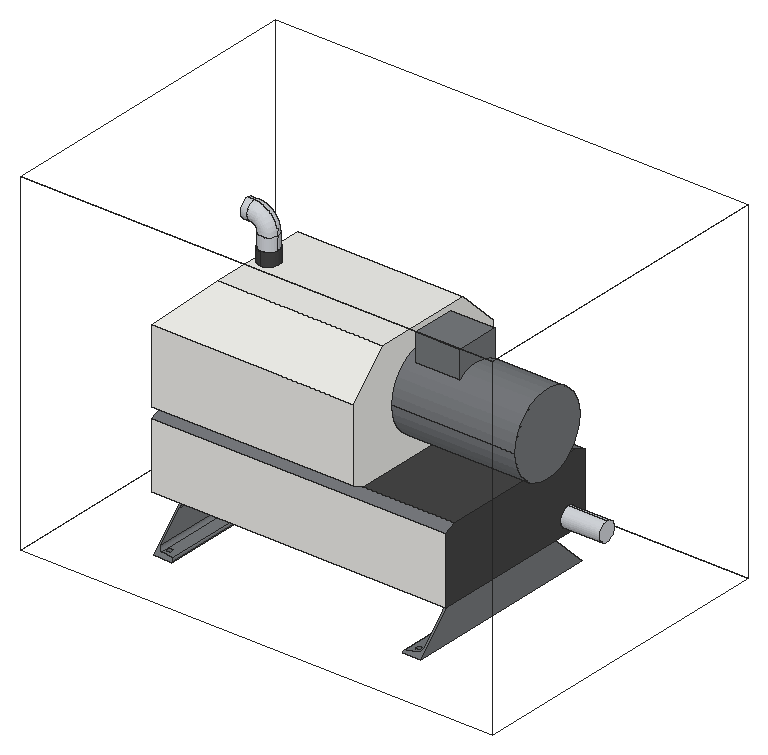
Revit family "HOSPIVAC G SIRELLA", category Equipement de génie climatique, Revit 2018
Family settings
  Cote de connecteur circulaire = Utiliser le diamètre
  Classification = Aucun
  Type d'élément = Normal
  Basée sur le plan de construction = Non
  Toujours verticalement = Oui
  Couper avec des vides une fois chargée = Non
  Partagée = Non
  Point de calcul de pièce = Non
Parameters (values of type "HOSPIVAC G SL300.R")
  ØPERCAGE = 13 mm
  ØCANA = 50 mm
  ZONE_DE_MAINTENANCE = yes
  TYPE_PPE = SIRELLA SLR : SL300.R
  TERRE = yes
  TENSION_ALIM = 400 V
  PUISS_ELECT = 5.5 kW
  PUISS_APPARENTE = PUISS_ELECT / COS_PHI  # 6111.11 VA
  PROTEC_ELECT = "Disjoncteur courbe D - 16 A"
  POIDS(Kg) = 310 mm
  OFFSET_LONG_PPE = 37 mm
  OFFSET_LONG_MAINT_2 = 689.8 mm
  OFFSET_LONG_MAINT_1 = 600.4 mm
  OFFSET_LONG_COUD = 270.3 mm
  OFFSET_LARG_REFOUL = 93.4 mm
  OFFSET_HAUT_MAINT = 914.2 mm
  OFFSET_HAUT_PROFILE = 100 mm
  OFFSET_HAUT_PPE = 24.4 mm
  OFFSET_HAUT_COUD = 743 mm
  OFFSET_HAUT_BRIDE = 668.1 mm
  NIVEAU_SONORE(dB(A)) = 70
  NEUTRE = no
  NBR_POLES = 3
  Modèle = "HOSPIVAC G SIRELLA"
  Lien espace client = "https://www.mils.fr/en/customers-area/"
  LONG_REFOUL = 105.417 mm
  LONG_PROFILE = 550 mm
  LONG_COUDE = 58 mm
  LONGUEUR = 910 mm
  LARG_PROFIL = 50 mm
  LARG_MAINT = 872.4 mm
  LARGEUR = 550 mm
  HAUT_REFOUL = 164 mm
  HAUTEUR = 780 mm
  Fabricant = "MIL'S"
  FREQUENCE = 0 Hz
  EP_AME = 6 mm
  EP_AILE = 8.5 mm
  ENTRAXE_PROFILE = 730 mm
  ENTRAXE_LONG_FIX_SOL = 680 mm
  ENTRAXE_LARG_FIX_SOL = 500 mm
  DOUBLE_ALIMENTATION = no
  DIAM_REFOUL_VIDE = 50 mm
  DIAM_ASPI_VIDE = 50 mm
  DESCR_REFOUL = "Refoulement ; 260 m³/h ; Flexible avec raccord G 2\" mâle"
  DESCR_ASPI = "Aspiration ; 260 m³/h ; Flexible avec clapet G 2\""
  DESCR_ALIM = "Alimentation ; 4G2.5mm²"
  DEGAG_CALORIFIQUE(kJ/h) = "22738"
  DEBIT_REFOUL_VIDE = 260.0 m³/h
  DEBIT_ASPI_VIDE = 260.0 m³/h
  COS_PHI = 0.9
Types (4, lengths in mm): name | ØCANA | TYPE_PPE | PUISS_ELECT | PUISS_APPARENTE | PROTEC_ELECT | POIDS(Kg) | OFFSET_LONG_MAINT_2 | OFFSET_LONG_MAINT_1 | OFFSET_LONG_COUD | OFFSET_LARG_REFOUL | OFFSET_HAUT_MAINT | OFFSET_HAUT_PPE | OFFSET_HAUT_COUD | OFFSET_HAUT_BRIDE | NIVEAU_SONORE(dB(A)) | LONG_REFOUL | LONG_COUDE | LONGUEUR | LARG_MAINT | HAUT_REFOUL | HAUTEUR | FREQUENCE | ENTRAXE_PROFILE | ENTRAXE_LONG_FIX_SOL | DIAM_REFOUL_VIDE | DIAM_ASPI_VIDE | DESCR_REFOUL | DESCR_ASPI | DEGAG_CALORIFIQUE(kJ/h) | DEBIT_REFOUL_VIDE | DEBIT_ASPI_VIDE
  (no name) | 50 | SIRELLA SLR : SL300.R | 5.5 kW | 6111.11 VA | "Disjoncteur courbe D - 16 A" | 310 | 689.8 | 600.4 | 270.3 | 93.4 | 914.2 | 24.4 | 743 | 668.1 | 70 | 105.417 | 58 | 910 | 872.4 | 164 | 780 | 0 Hz | 730 | 680 | 50 | 50 | "Refoulement ; 260 m³/h ; Flexible avec raccord G 2\" mâle" | "Aspiration ; 260 m³/h ; Flexible avec clapet G 2\"" | "22738" | 260.0 m³/h | 260.0 m³/h
  HOSPIVAC G SL300.R | 50 | SIRELLA SLR : SL300.R | 5.5 kW | 6111.11 VA | "Disjoncteur courbe D - 16 A" | 310 | 689.8 | 600.4 | 270.3 | 93.4 | 914.2 | 24.4 | 743 | 668.1 | 70 | 105.417 | 58 | 910 | 872.4 | 164 | 780 | 0 Hz | 730 | 680 | 50 | 50 | "Refoulement ; 260 m³/h ; Flexible avec raccord G 2\" mâle" | "Aspiration ; 260 m³/h ; Flexible avec clapet G 2\"" | "22738" | 260.0 m³/h | 260.0 m³/h
  HOSPIVAC G SL150.R | 45 | SIRELLA SLR : SL150.R | 3 kW | 3333.33 VA | "Disjoncteur courbe D - 10 A" | 185 | 610 | 570 | 232 | 120 | 905 | 15.2 | 670 | 605 | 69 | 72 | 50 | 800 | 825 | 149 | 700 | 0 Hz | 655 | 605 | 40 | 40 | "Refoulement ; 140 m³/h ; Flexible avec raccord G 1\"1/2 mâle" | "Aspiration ; 140 m³/h ; Flexible avec clapet G 1\"1/2" | "12403" | 140.0 m³/h | 140.0 m³/h
  HOSPIVAC G SL100.R | 45 | SIRELLA SLR : SL100.R | 2.2 kW | 2444.44 VA | "Disjoncteur courbe D - 10 A" | 175 | 610 | 570 | 231.5 | 120 | 905 | 15.2 | 670 | 604.6 | 69 | 72 | 50 | 800 | 825 | 149 | 700 | 50 Hz | 655 | 605 | 40 | 40 | "Refoulement ; 90 m³/h ; Flexible avec raccord G 1\"1/2 mâle" | "Aspiration ; 90 m³/h ; Flexible avec clapet G 1\"1/2" | "9095" | 90.0 m³/h | 90.0 m³/h
Reference planes
  plane 1 "Centre (avant/arrière)": y = 0
  plane 2: z = 0
  plane 3 "Centre (gauche/droite)": x = 0
  plane 4: x = -545
  plane 5: x = -545
  plane 6: x = -245
  plane 7: z = 100
  plane 8: x = -365
  plane 9: x = 365
  plane 10: x = -315
  plane 11: y = 275
  plane 12: y = -275
  plane 13: z = 8.5
  plane 14: x = -359
  plane 15: z = 91.5
  plane 16: y = 250
  plane 17: y = -250
  plane 18: x = -340
  plane 19: x = 340
  plane 20 "OFFSET_LONG_PPE": x = 402
  plane 21 "OFFSET_HAUT_PPE": z = 124.4
  plane 22: z = 914.2
  plane 23: x = -600.4
  plane 24: x = 689.8
  plane 25: y = 436.2
  plane 26: y = -436.2
  plane 27: z = 743
  plane 28: x = -270.3
  plane 29: z = 668.1
  plane 30: x = -328.3
  plane 31: x = 507.417
  plane 32: y = 181.6
  plane 33: z = 164
Forms (mm)
  Extrusion 1, solid, not visible
    sketch origin (-671.698, -1524, 268) x (-1, 0, 0) y (0, -1, 0)
      loop
        circle (-126.698, -1132) r 25
    from 0 to 17
  Extrusion 2, solid, not visible
    sketch origin (-671.698, -1524, 268) x (-1, 0, 0) y (0, -1, 0)
      loop
        circle (-126.698, -1132) r 25
    from 0 to 17
  Extrusion 3, solid, not visible
    sketch origin (-371.698, -1524, 268) x (-1, 0, 0) y (0, -1, 0)
      loop
        circle (-126.698, -1132) r 25
    from 0 to 17
  Sweep 4, solid, material "GRIS MILS"
    path origin (0, 0, 0) x (1, 0, 0) y (0, 1, 0)
      loop
        line (-365, -275) -> (-365, 275)
    profile origin (-365, 0, 0) x (-1, 0, 0) y (0, 0, 1)
      loop
        line (-50, 100) -> (-50, 97.903)
        arc (-50, 97.903) -> (-48.824, 94.87) -> (-45.912, 93.422) r 4.5
        line (-45.912, 93.422) -> (-13.722, 90.464)
        arc (-13.722, 90.464) -> (-8.221, 87.728) -> (-6, 81.999) r 8.5
        line (-6, 81.999) -> (-6, 18.279)
        arc (-6, 18.279) -> (-8.152, 12.626) -> (-13.518, 9.836) r 8.5
        line (-13.518, 9.836) -> (-46.02, 6.055)
        arc (-46.02, 6.055) -> (-48.861, 4.577) -> (-50, 1.585) r 4.5
        line (-50, 1.585) -> (-50, 0) -> (0, 0) -> (0, 100) -> (-50, 100)
  Extrusion 5, void
    sketch origin (-365, -1524, 244.242) x (0, 0, -1) y (0, -1, 0)
      loop
        line (144.242, -1699) -> (144.242, -1799) -> (244.242, -1799) -> (144.242, -1699)
      loop
        line (244.242, -1249) -> (144.242, -1249) -> (144.242, -1349) -> (244.242, -1249)
    from 0 to -730
  Sweep 6, solid, material "GRIS MILS"
    path origin (0, 0, 0) x (-1, 0, 0) y (0, -1, 0)
      loop
        line (-365, 275) -> (-365, -275)
    profile origin (365, 0, 0) x (-1, 0, 0) y (0, 0, 1)
      loop
        line (50, 100) -> (0, 100) -> (0, 0) -> (50, 0) -> (50, 1.585)
        arc (50, 1.585) -> (48.861, 4.577) -> (46.02, 6.055) r 4.5
        line (46.02, 6.055) -> (13.518, 9.836)
        arc (13.518, 9.836) -> (8.152, 12.626) -> (6, 18.279) r 8.5
        line (6, 18.279) -> (6, 81.999)
        arc (6, 81.999) -> (8.221, 87.728) -> (13.722, 90.464) r 8.5
        line (13.722, 90.464) -> (45.912, 93.422)
        arc (45.912, 93.422) -> (48.824, 94.87) -> (50, 97.903) r 4.5
        line (50, 97.903) -> (50, 100)
  Extrusion 7, void
    sketch origin (0, 0, 0) x (0, 1, 0) y (1, 0, 0)
      loop
        circle (250, -340) r 6.5
      loop
        circle (-250, -340) r 6.5
      loop
        circle (250, 340) r 6.5
      loop
        circle (-250, 340) r 6.5
    from 0 to -40.622
  Sweep 8, solid
    path origin (402, 0, 124.4) x (1, 0, 0) y (0, 0, 1)
      loop
        line (-672.3, 543.7) -> (-672.3, 578.6)
        arc (-672.3, 578.6) -> (-684.016, 606.884) -> (-712.3, 618.6) r 40
        line (-712.3, 618.6) -> (-730.3, 618.6)
    profile origin (-270.3, 0, 685.55) x (-1, 0, 0) y (0, -1, 0)
      loop
        circle (0, 0) r 25
  Extrusion 9, solid
    sketch origin (507.417, -1524, 177.041) x (0, 0, 1) y (0, -1, 0)
      loop
        circle (-13.041, -1705.6) r 25
    from 0 to -105.417
  Extrusion 10, solid, material "ZONE_MAINTENANCE", visible <- "ZONE_DE_MAINTENANCE"
    sketch origin (0, 0, 0) x (1, 0, 0) y (0, 1, 0)
      loop
        line (-600.4, 436.2) -> (-600.4, -436.2) -> (689.8, -436.2) -> (689.8, 436.2) -> (-600.4, 436.2)
    from 0 to 914.2
Cuts and joins
  Extrusion 5, Extrusion 7 cuts Sweep 4
  Extrusion 5, Extrusion 7 cuts Sweep 6
Lines and regions (mm)
  reference lines
    curve 1: line (-340, 0, 100) -> (-340, 0, 91.5)
    curve 2: line (-340, 0, 0) -> (-340, 0, 8.5)
Dimensions and locks
  "OFFSET_HAUT_PROFILE": plane 7 to plane 2
  equal spacing: plane 9, plane 3 "Centre (gauche/droite)", plane 8
  "ENTRAXE_PROFILE": plane 9 to plane 8
  "LARG_PROFIL": plane 10 to plane 8
  equal spacing: plane 11, plane 1 "Centre (avant/arrière)", plane 12
  "LONG_PROFILE": plane 11 to plane 12
  "EP_AME": plane 14 to plane 8
  equal spacing: plane 10, curve 1, plane 8
  "EP_AILE": plane 7 to plane 15
  "EP_AILE": plane 13 to level
  equal spacing: plane 16, plane 1 "Centre (avant/arrière)", plane 17
  equal spacing: plane 18, plane 3 "Centre (gauche/droite)", plane 19
  "ENTRAXE_LONG_FIX_SOL": plane 18 to plane 19
  "ENTRAXE_LARG_FIX_SOL": plane 16 to plane 17
  "OFFSET_LONG_PPE": plane 9 to plane 20 "OFFSET_LONG_PPE"
  "OFFSET_HAUT_PPE": plane 21 "OFFSET_HAUT_PPE" to plane 7
  "OFFSET_HAUT_MAINT": plane 22 to level
  "OFFSET_LONG_MAINT_1": plane 3 "Centre (gauche/droite)" to plane 23
  "OFFSET_LONG_MAINT_2": plane 24 to plane 3 "Centre (gauche/droite)"
  equal spacing: plane 25, plane 1 "Centre (avant/arrière)", plane 26
  "LARG_MAINT": plane 25 to plane 26
  "OFFSET_HAUT_COUD": plane 27 to level
  "OFFSET_LONG_COUD": plane 3 "Centre (gauche/droite)" to plane 28
  "OFFSET_HAUT_BRIDE": plane 29 to level
  "LONG_COUDE": plane 28 to plane 30
  "LONG_REFOUL": plane 31 to plane 20 "OFFSET_LONG_PPE"
  "OFFSET_LARG_REFOUL": plane 11 to plane 32
  "HAUT_REFOUL": plane 33 to level
  radius of Extrusion 1 sketch curve = 25 mm
  radius of Extrusion 2 sketch curve = 25 mm
  radius of Extrusion 3 sketch curve = 25 mm
  radius of Sweep 4 sketch curve = 4.5 mm  (x2)
  radius of Sweep 4 sketch curve = 8.5 mm  (x2)
  radius of Sweep 6 sketch curve = 4.5 mm  (x2)
  radius of Sweep 6 sketch curve = 8.5 mm  (x2)
  "ØPERCAGE": diameter of Extrusion 7 sketch curve  (x4)
  "ØCANA": diameter of Sweep 8 sketch curve
  radius of Sweep 8 sketch curve = 40 mm
  "ØCANA": diameter of Extrusion 9 sketch curve
  locked: plane 15 to Sweep 4 sketch curve (angle 5.25°)
  locked: Extrusion 5 sketch curve to plane 11 (angle 45.00°)
  locked: plane 12 to Extrusion 5 sketch curve (angle 45.00°)
  aligned and locked: level to plane 2
  aligned and locked: plane 8 to Sweep 4 sketch curve
  aligned and locked: plane 12 to Sweep 4 sketch curve
  aligned and locked: plane 11 to Sweep 4 sketch curve
  aligned and locked: plane 7 to Sweep 4 sketch curve
  aligned and locked: Sweep 4 sketch curve to plane 8
  aligned and locked: Sweep 4 sketch curve to profile plane
  aligned and locked: plane 10 to Sweep 4 sketch curve  (x2)
  aligned and locked: plane 14 to Sweep 4 sketch curve
  aligned and locked: plane 7 to curve 1
  aligned and locked: plane 15 to curve 1
  aligned and locked: Sweep 4 sketch curve to curve 1
  aligned and locked: curve 2 to curve 1
  aligned and locked: level to curve 2
  aligned and locked: plane 13 to curve 2
  aligned and locked: Sweep 4 sketch curve to curve 2
  aligned and locked: plane 7 to Extrusion 5 sketch curve  (x2)
  aligned and locked: plane 11 to Extrusion 5 sketch curve
  aligned and locked: plane 2 to Extrusion 5 sketch curve  (x2)
  aligned and locked: Extrusion 5 sketch curve to plane 12
  aligned and locked: Sweep 6 sketch curve to profile plane
  aligned and locked: plane 9 to Extrusion 5
  aligned and locked: plane 16 to Extrusion 7 sketch curve  (x2)
  aligned and locked: plane 18 to Extrusion 7 sketch curve  (x2)
  aligned and locked: plane 19 to Extrusion 7 sketch curve  (x2)
  aligned and locked: plane 17 to Extrusion 7 sketch curve  (x2)
  aligned and locked: plane 1 "Centre (avant/arrière)" to nested 1
  aligned and locked: nested 1 to plane 20 "OFFSET_LONG_PPE"
  aligned and locked: nested 1 to plane 21 "OFFSET_HAUT_PPE"
  aligned and locked: nested 1 to Sweep 8 sketch curve
  aligned and locked: profile plane to Sweep 8 sketch curve
  aligned and locked: plane 28 to Sweep 8 sketch curve
  aligned and locked: plane 29 to Sweep 8 sketch curve
  aligned and locked: plane 27 to Sweep 8 sketch curve
  aligned and locked: plane 30 to Sweep 8 sketch curve
  aligned and locked: plane 32 to Extrusion 9 sketch curve
  aligned and locked: plane 33 to Extrusion 9 sketch curve
  aligned and locked: Extrusion 9 to plane 20 "OFFSET_LONG_PPE"
  aligned and locked: plane 23 to Extrusion 10 sketch curve
  aligned and locked: Extrusion 10 sketch curve to plane 25
  aligned and locked: Extrusion 10 sketch curve to plane 24
  aligned and locked: plane 26 to Extrusion 10 sketch curve
  aligned and locked: plane 22 to Extrusion 10
Automatic sketch dimensions
  level to Sweep 4 sketch curve = 6.055 mm
  Sweep 4 sketch curve to Sweep 4 sketch curve = 0.52 mm
  Sweep 6 sketch curve to plane 9 = 0 mm
  Sweep 6 sketch curve to plane 11 = 0 mm
  Sweep 6 sketch curve to plane 12 = 0 mm
  Sweep 6 sketch curve to profile plane = 0 mm
  Sweep 6 sketch curve to profile plane = 6 mm
  level to Sweep 6 sketch curve = 9.836 mm
  Sweep 6 sketch curve to Sweep 6 sketch curve = 0.982 mm
  Sweep 6 sketch curve to Sweep 6 sketch curve = 0.778 mm
  Sweep 6 sketch curve to Sweep 6 sketch curve = 31.778 mm
  level to Sweep 6 sketch curve = 1.585 mm
  level to Sweep 6 sketch curve = 6.055 mm
  Sweep 6 sketch curve to Sweep 6 sketch curve = 63.721 mm
  Sweep 6 sketch curve to Sweep 6 sketch curve = 9.536 mm
Nested families
  nested 1: "SIRELLA SLR" at (402, 0, 124.4) x (0, -1, 0) z (0, 0, 1), type <- "TYPE_PPE", type "SL300.R"
    with ZONE_MAINTENANCE no
Connectors
  electrical at (218.4, 57.5, 597.2), driven by "TENSION_ALIM", driven by "PUISS_APPARENTE", driven by "DESCR_ALIM"
    settings: on nested 1, index 1, voltage 400 V, apparent load 6111.11 VA, apparent load phase1 0 VA, apparent load phase2 0 VA, apparent load phase3 0 VA, power factor 1, load classification "Moteur", number of poles 3, system type 30, power factor state 1, is connector primary yes, connector utility yes, sub classification motor no, connector description "Alimentation ; 4G2.5mm²"
  piping at (-328.3, 0, 743), diameter 50, driven by "DIAM_ASPI_VIDE", driven by "DEBIT_ASPI_VIDE", driven by "DESCR_ASPI"
    settings: on Sweep 8, index 2, connector inside diameter 609.6 mm, connector length 0 mm, flow factor 0, pipe flow 260.0 m³/h, pressure drop 0.0 Pa, fitting loss kfactor 0, connector angle 0.00°, fixture units 0, engagement length 0 mm, angle of deflection 0.00°, flow configuration 0, flow direction 1, fitting loss method 0, system type 22, joint type 0, gender type 0, connector reference index -1, connector utility 1, adjustable connector no, is connector primary yes, connector description "Aspiration ; 260 m³/h ; Flexible avec clapet G 2\""
  piping at (507.417, 181.6, 164), diameter 50, driven by "DIAM_REFOUL_VIDE", driven by "DEBIT_REFOUL_VIDE", driven by "DESCR_REFOUL"
    settings: on Extrusion 9, index 3, connector inside diameter 609.6 mm, connector length 0 mm, flow factor 0, pipe flow 260.0 m³/h, pressure drop 0.0 Pa, fitting loss kfactor 0, connector angle 0.00°, fixture units 0, engagement length 0 mm, angle of deflection 0.00°, flow configuration 0, flow direction 2, fitting loss method 0, system type 22, joint type 0, gender type 0, connector reference index -1, connector utility 1, adjustable connector no, is connector primary no, connector description "Refoulement ; 260 m³/h ; Flexible avec raccord G 2\" mâle"
Definition of nested family "SIRELLA SLR"
  Parameters (values of type "SL300.R")
    ZONE_MAINTENANCE [instance] = no
    TENSION_ALIM = 400 V
    SORTIE_CABLE_ELECT = -57.5 mm
    PUISS_ELECT = 3 kW
    POIDS = 300 mm
    OFFSET_MAINTENANCE = 200 mm
    NIVEAU_SONORE = 70
    NBR_POLES = 3
    Model = ""
    Lien espace client = ""
    LONGUEUR = 890.2 mm
    LARGEUR = 472.4 mm
    HAUT_RAINURE = 30 mm
    LONG_OFFSET_FIX = 67.2 mm
    HAUT_OFFSET_REFOUL = 64 mm
    LONG_OFFSET_BOITE = 191.5 mm
    RAY_MOT = DIAM_MOT / 2  # 110 mm
    HAUT_MAINTENANCE = 300 mm
    HAUT_BOITE = 165.8 mm
    HAUTEUR = 568.1 mm
    LONG_OFFSET_BRIDE_ASPI = 130.1 mm
    LARG_OFFSET_REFOUL = 417.8 mm
    HAUT_OFFSET_CABLE_ELECT = 35.8 mm
    LONG_OFFSET_CABLE_ELECT = 79.9 mm
    LONG_REFOUL = 26.2 mm
    RAY_CABLE_ELECT = 5 mm
    PUISSANCE_APPARENTE = PUISS_ELECT / (COS_PHI * 1)  # 3333.33 VA
    LONG_MOT = 339 mm
    LONG_ENTRAXE_FIX = 670 mm
    LARG_OFFSET_FIX = 86.2 mm
    LARG_CHANFREIN = 100 mm
    LONG_CORPS = 802.4 mm
    LARG_ENTRAXE_FIX = 300 mm
    LARG_BOITE = 119.9 mm
    HAUT_FIX = 24.4 mm
    HAUT_SILENCIEUX = 194.7 mm
    HAUT_BRIDE = 35.1 mm
    RAY_FIX = 25 mm
    RAY_BRIDE = 28.3 mm
    Manufacturer = ""
    Description = ""
    DIAM_REFOUL_VIDE = 2 * RAY_BRIDE  # 56.6 mm
    DIAM_MOT = 220 mm
    LONG_BOITE = 119.9 mm
    DIAM_ASPI_VIDE = 2 * RAY_BRIDE  # 56.6 mm
    DIAMETRE ASPIRATION = ""
    DESCR_REFOUL = "Refoulement vide ; 260 m3/h ; G 2\" FEM"
    DESCR_ASPI = "Aspiration vide ; 260 m3/h ; G 2\" FEM"
    DESCR_ALIM_X = "Puissance electrique, 4G2.5mm²"
    DEBIT_REFOUL_VIDE = 300.0 m³/h
    DEBIT_ASPI_VIDE = 300.0 m³/h
    Assembly Code = ""
    COS_PHI = 0.9
    BRANCHEMENT_TERRE = yes
    ANGLE_CHANFREIN = 45.00°
  Types (4, lengths in mm): name | SORTIE_CABLE_ELECT | POIDS | NIVEAU_SONORE | Model | Lien espace client | LONGUEUR | LARGEUR | HAUT_RAINURE | LONG_OFFSET_FIX | HAUT_OFFSET_REFOUL | LONG_OFFSET_BOITE | RAY_MOT | HAUT_BOITE | HAUTEUR | LONG_OFFSET_BRIDE_ASPI | LARG_OFFSET_REFOUL | HAUT_OFFSET_CABLE_ELECT | LONG_OFFSET_CABLE_ELECT | LONG_REFOUL | RAY_CABLE_ELECT | LONG_MOT | LONG_ENTRAXE_FIX | LARG_OFFSET_FIX | LARG_CHANFREIN | LONG_CORPS | LARG_BOITE | HAUT_FIX | HAUT_SILENCIEUX | HAUT_BRIDE | RAY_BRIDE | Manufacturer | Description | DIAM_REFOUL_VIDE | DIAM_MOT | LONG_BOITE | DIAM_ASPI_VIDE | DESCR_REFOUL | DESCR_ASPI | DEBIT_REFOUL_VIDE | DEBIT_ASPI_VIDE | Assembly Code
    (no name) | -57.5 | 300 | 70 | "" | "" | 890.2 | 472.4 | 30 | 67.2 | 64 | 191.5 | 110 | 165.8 | 568.1 | 130.1 | 417.8 | 35.8 | 79.9 | 26.2 | 5 | 339 | 670 | 86.2 | 100 | 802.4 | 119.9 | 24.4 | 194.7 | 35.1 | 28.3 | "" | "" | 56.6 | 220 | 119.9 | 56.6 | "Refoulement vide ; 260 m3/h ; G 2\" FEM" | "Aspiration vide ; 260 m3/h ; G 2\" FEM" | 300.0 m³/h | 300.0 m³/h | ""
    SL300.R | -57.5 | 300 | 70 | "" | "" | 890.2 | 472.4 | 30 | 67.2 | 64 | 191.5 | 110 | 165.8 | 568.1 | 130.1 | 417.8 | 35.8 | 79.9 | 26.2 | 5 | 339 | 670 | 86.2 | 100 | 802.4 | 119.9 | 24.4 | 194.7 | 35.1 | 28.3 | "" | "" | 56.6 | 220 | 119.9 | 56.6 | "Refoulement vide ; 260 m3/h ; G 2\" FEM" | "Aspiration vide ; 260 m3/h ; G 2\" FEM" | 300.0 m³/h | 300.0 m³/h | ""
    SL150.R | -74.265 | 180 | 69 | "" | "" | 774 | 430 | 20 | 65 | 49 | 177.8 | 95.25 | 142 | 505 | 133.5 | 370 | 32 | 58.9 | 13.7 | 1.25 | 291 | 600 | 65 | 80 | 730 | 104.4 | 15.2 | 168.3 | 37.6 | 22.5 | "" | "" | 45 | 190.5 | 87 | 45 | "Refoulement vide ; 140 m3/h ; G 2\" FEM" | "Aspiration vide ; 140 m3/h ; G 2\" FEM" | 150.0 m³/h | 150.0 m³/h | ""
    SL100.R | -74.265 | 170 | 69 | "SIRELLA SL100.R" | "https://www.mils.fr/en/customers-area/" | 780 | 430 | 20 | 65 | 49 | 164.8 | 86 | 136.9 | 504.6 | 134 | 370 | 33.7 | 58.9 | 13.7 | 5 | 297 | 600 | 65 | 80 | 730 | 103 | 15.2 | 168.3 | 36.6 | 22.5 | "MIL'S" | "VACUUM PUMP 100m3/h" | 45 | 172 | 87 | 45 | "Refoulement vide ; 90 m3/h ; G 1_1/4\" FEM" | "Aspiration vide ; 90 m3/h ; G 1_1/4\" FEM" | 150.0 m³/h | 150.0 m³/h | "824410"
  Reference planes
    plane 1 "Centre (avant/arrière)": y = 0
    plane 2: z = 0
    plane 3 "Centre (gauche/droite)": x = 0
    plane 4 "CORPS_AV": y = -802.4
    plane 5 "CORPS_HAUT": z = 508.6
    plane 6 "MOT_AV": y = -251.2
    plane 7 "HAUT_CAISSON": z = 194.7
    plane 8 "CORPS_GAUCHE": x = -236.2
    plane 9 "CORPS_DROITE": x = 236.2
    plane 10 "HAUT_CHANF": z = 408.6
    plane 11 "CHANF_AV": y = -702.4
    plane 12 "FIX_BAS": z = -24.4
    plane 13 "CHANF_GAUCHE": x = -136.2
    plane 14 "CHANF_DROITE": x = 136.2
    plane 15: z = 408.6
    plane 16 "HAUT_MOT": z = 351.65
    plane 17 "FIX_DROITE": x = 150
    plane 18 "FIX_GAUCHE": x = -150
    plane 19 "FIX_AV": y = -737.2
    plane 20 "POS_FIX_AR": y = -67.2
    plane 21 "POS_BOSS_1": y = -672.3
    plane 22 "HAUT_BOSS_1": z = 543.7
    plane 23 "POS_BOSS_2": z = 39.6
    plane 24 "BOSS_GAUCHE": x = -181.6
    plane 25 "LONG_REFOUL": y = -26.2
    plane 26 "BOIT_AR": y = -103.7
    plane 27 "BOIT_AV": y = -223.6
    plane 28 "BOIT_DROITE": x = 59.95
    plane 29 "BOIT_GAUCHE": x = -59.95
    plane 30 "ELECT_AV": y = -183.6
    plane 31 "ELECT_HAUT": z = 472.8
    plane 32 "MOT_AR": y = 87.8
    plane 33 "BOIT_HAUT": z = 517.45
    plane 34 "MAINT_AV": y = -1002.4
    plane 35 "MAINT_AR": y = 287.8
    plane 36 "MAINT_HAUT": z = 843.7
    plane 37: x = -436.2
    plane 38: x = 436.2
  Forms (mm)
    Extrusion 1, solid, detail levels fine
      sketch origin (0, 0, 0) x (0, 1, 0) y (0, 0, 1)
        loop
          line (-802.4, 408.6) -> (-802.4, 0) -> (0, 0) -> (0, 194.7) -> (-251.2, 194.7) -> (-251.2, 508.6) -> (-702.4, 508.6) -> (-802.4, 408.6)
      from -236.2 to 236.2
    Extrusion 2, void
      sketch origin (0, 0, 0) x (1, 0, 0) y (0, 0, 1)
        loop
          line (136.2, 508.6) -> (236.2, 408.6) -> (236.2, 508.6) -> (136.2, 508.6)
        loop
          line (-136.2, 508.6) -> (-236.2, 508.6) -> (-236.2, 408.6) -> (-136.2, 508.6)
      from 251.2 to 802.4
    Extrusion 3, solid, detail levels fine
      sketch origin (0, 0, 0) x (1, 0, 0) y (0, 0, 1)
        loop
          circle (0, 351.65) r 110
      from -87.8 to 251.2
    Extrusion 4, void
      sketch origin (0, 0, 0) x (1, 0, 0) y (0, 0, 1)
        loop
          line (236.2, 209.7) -> (206.2, 194.7) -> (236.2, 179.7) -> (236.2, 209.7)
        loop
          line (-236.2, 209.7) -> (-236.2, 179.7) -> (-206.2, 194.7) -> (-236.2, 209.7)
      from 0 to 802.4
    Extrusion 5, solid, detail levels fine
      sketch origin (0, 0, 0) x (1, 0, 0) y (0, 1, 0)
        loop
          circle (-150, -67.2) r 25
        loop
          circle (150, -67.2) r 25
        loop
          circle (150, -737.2) r 25
        loop
          circle (-150, -737.2) r 25
      from 0 to -24.4
    Extrusion 6, solid
      sketch origin (0, 0, 0) x (1, 0, 0) y (0, 1, 0)
        loop
          circle (0, -672.3) r 28.3
      from 508.6 to 543.7
    Extrusion 7, void
      sketch origin (0, 0, 0) x (1, 0, 0) y (0, 0, 1)
        loop
          circle (-181.6, 39.6) r 28.3
      from -87.8 to 26.2
    Extrusion 8, solid, detail levels fine
      sketch origin (0, 0, 0) x (1, 0, 0) y (0, 1, 0)
        loop
          line (-59.95, -103.7) -> (-59.95, -223.6) -> (59.95, -223.6) -> (59.95, -103.7) -> (-59.95, -103.7)
      from 351.65 to 517.45
    Extrusion 9, void
      sketch origin (0, 0, 0) x (0, 1, 0) y (0, 0, 1)
        loop
          circle (-183.6, 472.8) r 5
      from 0 to -57.5 <- "SORTIE_CABLE_ELECT"
    Extrusion 10, solid, visible <- "ZONE_MAINTENANCE"
      sketch origin (0, 0, 0) x (0, 1, 0) y (0, 0, 1)
        loop
          line (-1002.4, 843.7) -> (-1002.4, -24.4) -> (287.8, -24.4) -> (287.8, 843.7) -> (-1002.4, 843.7)
      from -436.2 to 436.2
    Extrusion 11, solid, detail levels coarse+medium
      sketch origin (0, 0, 0) x (0, 1, 0) y (0, 0, 1)
        loop
          line (-802.4, -24.4) -> (87.8, -24.4) -> (87.8, 508.6) -> (-802.4, 508.6) -> (-802.4, -24.4)
      from -236.2 to 236.2
    Extrusion 12, void
      sketch origin (0, 0, 0) x (1, 0, 0) y (0, 0, 1)
        loop
          circle (-181.6, 39.6) r 28.3
      from -87.8 to 26.2
  Cuts and joins
    Extrusion 2, Extrusion 4, Extrusion 7, Extrusion 12 cuts Extrusion 1
    Extrusion 9 cuts Extrusion 8
    joined: Extrusion 3, Extrusion 8
    Extrusion 12 cuts Extrusion 10
    Extrusion 12 cuts Extrusion 11
  Lines and regions (mm)
    Split face 1
      outline origin (236.2, -802.4, 0) x (0, 1, 0) y (0, 0, 1)
        loop
          line (0, 212.2) -> (551.2, 212.2)
    Split face 2
      outline origin (236.2, -802.4, 408.6) x (-1, 0, 0) y (0, 0, -1)
        loop
          line (442.4, 213.9) -> (30, 213.9)
    Split face 3
      outline origin (-236.2, -802.4, 0) x (0, -1, 0) y (0, 0, 1)
        loop
          line (-551.2, 212.2) -> (0, 212.2)
  Dimensions and locks
    "HAUTEUR": plane 22 "HAUT_BOSS_1" to plane 12 "FIX_BAS"
    "LONGUEUR": plane 4 "CORPS_AV" to plane 32 "MOT_AR"
    "HAUT_SILENCIEUX": plane 7 "HAUT_CAISSON" to level
    equal spacing: plane 9 "CORPS_DROITE", plane 3 "Centre (gauche/droite)", plane 8 "CORPS_GAUCHE"
    "LARGEUR": plane 9 "CORPS_DROITE" to plane 8 "CORPS_GAUCHE"
    "LARG_CHANFREIN": plane 5 "CORPS_HAUT" to plane 10 "HAUT_CHANF"
    "LARG_CHANFREIN": plane 4 "CORPS_AV" to plane 11 "CHANF_AV"
    equal spacing: plane 14 "CHANF_DROITE", plane 3 "Centre (gauche/droite)", plane 13 "CHANF_GAUCHE"
    "LARG_CHANFREIN": plane 9 "CORPS_DROITE" to plane 14 "CHANF_DROITE"
    "LARG_CHANFREIN": plane 5 "CORPS_HAUT" to plane 15
    equal spacing: plane 7 "HAUT_CAISSON", plane 16 "HAUT_MOT", plane 5 "CORPS_HAUT"
    equal spacing: Extrusion 4 sketch curve, plane 7 "HAUT_CAISSON", Extrusion 4 sketch curve  (x2)
    "HAUT_RAINURE": Extrusion 4 sketch curve to Extrusion 4 sketch curve  (x2)
    "HAUT_RAINURE": plane 9 "CORPS_DROITE" to Extrusion 4 sketch curve
    "HAUT_RAINURE": cut or joined group of Extrusion 1, Extrusion 2, Extrusion 4, Extrusion 7, Extrusion 12 to Extrusion 4 sketch curve
    "LONG_OFFSET_FIX": plane 1 "Centre (avant/arrière)" to plane 20 "POS_FIX_AR"
    "LARG_OFFSET_FIX": plane 17 "FIX_DROITE" to plane 9 "CORPS_DROITE"
    "HAUT_FIX": level to plane 12 "FIX_BAS"
    "HAUT_BRIDE": plane 22 "HAUT_BOSS_1" to plane 5 "CORPS_HAUT"
    "LARG_OFFSET_REFOUL": plane 24 "BOSS_GAUCHE" to plane 9 "CORPS_DROITE"
    "HAUT_OFFSET_REFOUL": plane 12 "FIX_BAS" to plane 23 "POS_BOSS_2"
    "LONG_REFOUL": plane 25 "LONG_REFOUL" to plane 1 "Centre (avant/arrière)"
    equal spacing: plane 29 "BOIT_GAUCHE", plane 3 "Centre (gauche/droite)", plane 28 "BOIT_DROITE"
    "LONG_BOITE": plane 26 "BOIT_AR" to plane 27 "BOIT_AV"
    "LONG_OFFSET_BOITE": plane 26 "BOIT_AR" to plane 32 "MOT_AR"
    "LONG_OFFSET_CABLE_ELECT": plane 26 "BOIT_AR" to plane 30 "ELECT_AV"
    "HAUT_OFFSET_CABLE_ELECT": plane 5 "CORPS_HAUT" to plane 31 "ELECT_HAUT"
    "LONG_OFFSET_BRIDE_ASPI": plane 4 "CORPS_AV" to plane 21 "POS_BOSS_1"
    "LONG_MOT": plane 6 "MOT_AV" to plane 32 "MOT_AR"
    plane 26 "BOIT_AR" to plane 27 "BOIT_AV" = 119.9 mm
    "LARG_BOITE": plane 29 "BOIT_GAUCHE" to plane 28 "BOIT_DROITE"
    "LONG_ENTRAXE_FIX": plane 20 "POS_FIX_AR" to plane 19 "FIX_AV"
    "LARG_ENTRAXE_FIX": plane 18 "FIX_GAUCHE" to plane 17 "FIX_DROITE"
    "HAUT_BOITE": plane 33 "BOIT_HAUT" to plane 16 "HAUT_MOT"
    "OFFSET_MAINTENANCE": plane 37 to plane 8 "CORPS_GAUCHE"
    "OFFSET_MAINTENANCE": plane 9 "CORPS_DROITE" to plane 38
    "OFFSET_MAINTENANCE": plane 32 "MOT_AR" to plane 35 "MAINT_AR"
    "OFFSET_MAINTENANCE": plane 34 "MAINT_AV" to plane 4 "CORPS_AV"
    "HAUT_MAINTENANCE": plane 36 "MAINT_HAUT" to plane 22 "HAUT_BOSS_1"
    "LONG_CORPS": plane 4 "CORPS_AV" to plane 1 "Centre (avant/arrière)"
    "RAY_MOT": radius of Extrusion 3 sketch curve
    "RAY_FIX": radius of Extrusion 5 sketch curve  (x4)
    "RAY_BRIDE": radius of Extrusion 6 sketch curve
    "RAY_BRIDE": radius of Extrusion 7 sketch curve
    "RAY_CABLE_ELECT": radius of Extrusion 9 sketch curve
    "RAY_BRIDE": radius of Extrusion 12 sketch curve
    aligned and locked: level to plane 2
    aligned and locked: plane 4 "CORPS_AV" to Extrusion 1
    aligned and locked: Extrusion 1 to level
    aligned and locked: Extrusion 1 to plane 1 "Centre (avant/arrière)"
    aligned and locked: plane 7 "HAUT_CAISSON" to Extrusion 1
    aligned and locked: plane 6 "MOT_AV" to Extrusion 1
    aligned and locked: plane 9 "CORPS_DROITE" to Extrusion 1
    aligned and locked: Extrusion 1 to plane 8 "CORPS_GAUCHE"
    aligned and locked: plane 4 "CORPS_AV" to Extrusion 1 sketch curve
    aligned and locked: plane 5 "CORPS_HAUT" to Extrusion 1 sketch curve
    aligned and locked: plane 4 "CORPS_AV" to Extrusion 2
    aligned and locked: plane 6 "MOT_AV" to Extrusion 2
    aligned and locked: plane 16 "HAUT_MOT" to Extrusion 3 sketch curve
    aligned and locked: plane 3 "Centre (gauche/droite)" to Extrusion 3 sketch curve
    aligned and locked: Extrusion 3 to plane 6 "MOT_AV"
    aligned and locked: plane 8 "CORPS_GAUCHE" to Extrusion 4 sketch curve
    aligned and locked: plane 9 "CORPS_DROITE" to Extrusion 4 sketch curve
    aligned and locked: plane 4 "CORPS_AV" to Extrusion 4
    aligned and locked: Extrusion 4 to plane 1 "Centre (avant/arrière)"
    aligned and locked: plane 20 "POS_FIX_AR" to Extrusion 5 sketch curve  (x2)
    aligned and locked: plane 18 "FIX_GAUCHE" to Extrusion 5 sketch curve  (x2)
    aligned and locked: plane 17 "FIX_DROITE" to Extrusion 5 sketch curve  (x2)
    aligned and locked: plane 19 "FIX_AV" to Extrusion 5 sketch curve  (x2)
    aligned and locked: level to Extrusion 5
    aligned and locked: Extrusion 5 to plane 12 "FIX_BAS"
    aligned and locked: plane 21 "POS_BOSS_1" to Extrusion 6 sketch curve
    aligned and locked: plane 3 "Centre (gauche/droite)" to Extrusion 6 sketch curve
    aligned and locked: plane 5 "CORPS_HAUT" to Extrusion 6
    aligned and locked: plane 22 "HAUT_BOSS_1" to Extrusion 6
    aligned and locked: plane 24 "BOSS_GAUCHE" to Extrusion 7 sketch curve
    aligned and locked: plane 23 "POS_BOSS_2" to Extrusion 7 sketch curve
    aligned and locked: Extrusion 7 to plane 25 "LONG_REFOUL"
    aligned and locked: Extrusion 8 sketch curve to plane 26 "BOIT_AR"
    aligned and locked: plane 29 "BOIT_GAUCHE" to Extrusion 8 sketch curve
    aligned and locked: Extrusion 8 sketch curve to plane 28 "BOIT_DROITE"
    aligned and locked: plane 27 "BOIT_AV" to Extrusion 8 sketch curve
    aligned and locked: Extrusion 8 to plane 16 "HAUT_MOT"
    aligned and locked: plane 31 "ELECT_HAUT" to Extrusion 9 sketch curve
    aligned and locked: plane 30 "ELECT_AV" to Extrusion 9 sketch curve
    aligned and locked: plane 3 "Centre (gauche/droite)" to Extrusion 9
    aligned and locked: plane 32 "MOT_AR" to Extrusion 3
    aligned and locked: Extrusion 8 to plane 33 "BOIT_HAUT"
    aligned and locked: Extrusion 10 sketch curve to plane 35 "MAINT_AR"
    aligned and locked: plane 12 "FIX_BAS" to Extrusion 10 sketch curve
    aligned and locked: plane 34 "MAINT_AV" to Extrusion 10 sketch curve
    aligned and locked: Extrusion 10 sketch curve to plane 36 "MAINT_HAUT"
    aligned and locked: Extrusion 10 to plane 38
    aligned and locked: plane 37 to Extrusion 10
    aligned and locked: plane 9 "CORPS_DROITE" to Extrusion 11
    aligned and locked: Extrusion 11 to plane 8 "CORPS_GAUCHE"
    aligned and locked: Extrusion 11 sketch curve to plane 5 "CORPS_HAUT"
    aligned and locked: Extrusion 11 sketch curve to plane 4 "CORPS_AV"
    aligned and locked: plane 12 "FIX_BAS" to Extrusion 11 sketch curve
    aligned and locked: Extrusion 11 sketch curve to plane 32 "MOT_AR"
    aligned and locked: Extrusion 7 to cut or joined group of Extrusion 3, Extrusion 8, Extrusion 9
    aligned and locked: Extrusion 12 to Extrusion 7  (x2)
  Automatic sketch dimensions
    Extrusion 1 sketch curve to plane 11 "CHANF_AV" = 0 mm
    Extrusion 1 sketch curve to plane 6 "MOT_AV" = 0 mm
    Extrusion 1 sketch curve to plane 1 "Centre (avant/arrière)" = 0 mm
    Extrusion 1 sketch curve to level = 0 mm
    Extrusion 1 sketch curve to plane 7 "HAUT_CAISSON" = 0 mm
    Extrusion 1 sketch curve to plane 10 "HAUT_CHANF" = 0 mm
    Extrusion 2 sketch curve to plane 5 "CORPS_HAUT" = 0 mm  (x2)
    Extrusion 2 sketch curve to plane 8 "CORPS_GAUCHE" = 0 mm
    Extrusion 2 sketch curve to plane 13 "CHANF_GAUCHE" = 0 mm
    Extrusion 2 sketch curve to plane 14 "CHANF_DROITE" = 0 mm
    Extrusion 2 sketch curve to plane 9 "CORPS_DROITE" = 0 mm
    Extrusion 2 sketch curve to plane 10 "HAUT_CHANF" = 0 mm  (x2)
    Split face 1 sketch curve to cut or joined group of Extrusion 1, Extrusion 2, Extrusion 4, Extrusion 7, Extrusion 12 = 0 mm  (x2)
    Split face 1 sketch curve to cut or joined group of Extrusion 1, Extrusion 2, Extrusion 4, Extrusion 7, Extrusion 12 = 2.5 mm
    Split face 2 sketch curve to cut or joined group of Extrusion 1, Extrusion 2, Extrusion 4, Extrusion 7, Extrusion 12 = 0 mm  (x2)
    cut or joined group of Extrusion 1, Extrusion 2, Extrusion 4, Extrusion 7, Extrusion 12 to Split face 2 sketch curve = 0 mm
    Split face 3 sketch curve to cut or joined group of Extrusion 1, Extrusion 2, Extrusion 4, Extrusion 7, Extrusion 12 = 0 mm  (x2)
    Split face 3 sketch curve to cut or joined group of Extrusion 1, Extrusion 2, Extrusion 4, Extrusion 7, Extrusion 12 = 2.5 mm
    Extrusion 4 sketch curve to plane 7 "HAUT_CAISSON" = 0 mm  (x2)
    Extrusion 12 sketch curve to plane 23 "POS_BOSS_2" = 0 mm
    plane 24 "BOSS_GAUCHE" to Extrusion 12 sketch curve = 0 mm
  Connectors
    piping at (0, -672.3, 543.7), diameter 56.6, driven by "DIAM_ASPI_VIDE", driven by "DEBIT_ASPI_VIDE", driven by "DESCR_ASPI"
      settings: on Extrusion 6, index 1, connector inside diameter 609.6 mm, connector length 0 mm, flow factor 0, pipe flow 300.0 m³/h, pressure drop 0.0 Pa, fitting loss kfactor 0, connector angle 0.00°, fixture units 0, engagement length 0 mm, angle of deflection 0.00°, flow configuration 0, flow direction 1, fitting loss method 0, system type 22, joint type 0, gender type 0, connector reference index -1, connector utility 1, adjustable connector no, is connector primary yes, connector description "Aspiration vide ; 260 m3/h ; G 2\" FEM"
    piping at (-181.6, -26.2, 39.6), diameter 56.6, driven by "DIAM_ASPI_VIDE", driven by "DEBIT_REFOUL_VIDE", driven by "DESCR_REFOUL"
      settings: on cut or joined group of Extrusion 1, Extrusion 2, Extrusion 4, Extrusion 7, Extrusion 12, index 2, connector inside diameter 609.6 mm, connector length 0 mm, flow factor 0, pipe flow 300.0 m³/h, pressure drop 0.0 Pa, fitting loss kfactor 0, connector angle 0.00°, fixture units 0, engagement length 0 mm, angle of deflection 0.00°, flow configuration 0, flow direction 2, fitting loss method 0, system type 22, joint type 0, gender type 0, connector reference index -1, connector utility 1, adjustable connector no, is connector primary no, connector description "Refoulement vide ; 260 m3/h ; G 2\" FEM"
    electrical at (0, -183.6, 472.8), driven by "NBR_POLES", driven by "TENSION_ALIM", driven by "PUISSANCE_APPARENTE", driven by "DESCR_ALIM_X"
      settings: on cut or joined group of Extrusion 3, Extrusion 8, Extrusion 9, index 3, voltage 400 V, apparent load 3333.33 VA, apparent load phase1 0 VA, apparent load phase2 0 VA, apparent load phase3 0 VA, power factor 1, load classification none, number of poles 3, system type 30, power factor state 1, is connector primary yes, connector utility yes, sub classification motor no, connector description "Puissance electrique, 4G2.5mm²"
